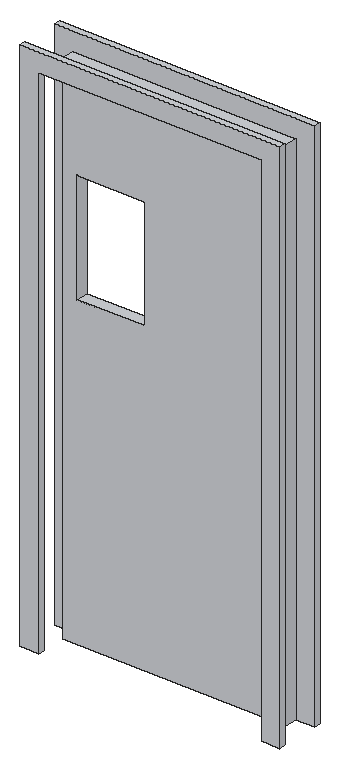
Revit family
Parameters (values of type "36" x 84"")
  Wall Closure = (empty or 0)
  Function = (empty or 0)
  Door Thickness = 0' - 2"
  Height = 7' - 0"
  Trim Projection Ext = 0' - 1"
  Trim Projection Int = 0' - 1"
  Trim Width = 0' - 3"
  Width = 3' - 0"
  Assembly Code = ""
Reference planes (in)
  plane 1: y = 0
  plane 2: z = 0
  plane 3: x = 0
  plane 4: x = -18
  plane 5: x = 18
  plane 6: z = 84
Forms (in)
  Extrusion 1, solid
    sketch origin (0, 0, 0) x (1, 0, 0) y (0, 0, 1)
      loop
        line (-18, 84) -> (-18, 0) -> (18, 0) -> (18, 84) -> (-18, 84)
    from -3 to -1
  Extrusion 2, solid
    sketch origin (-60, -3, 0) x (1, 0, 0) y (0, 0, 1)
      loop
        line (39, 87) -> (39, 0) -> (42, 0) -> (42, 84) -> (78, 84) -> (78, 0) -> (81, 0) -> (81, 87) -> (39, 87)
    from 0 to 1
  Extrusion 3, solid
    sketch origin (-60, 3, 0) x (-1, 0, 0) y (0, 0, 1)
      loop
        line (-81, 87) -> (-81, 0) -> (-78, 0) -> (-78, 84) -> (-42, 84) -> (-42, 0) -> (-39, 0) -> (-39, 87) -> (-81, 87)
    from 0 to 1
  Extrusion 4, void
    sketch origin (-20.78484, 0, -0.3959) x (0, 0, -1) y (1, 0, 0)
      loop
        line (-50.18613, 4.98537) -> (-50.18613, 16) -> (-68.18613, 16) -> (-68.18613, 4.98537) -> (-50.18613, 4.98537)
    from -3 to 0
Cuts and joins
  Extrusion 4 cuts Extrusion 1
  Extrusion 4 cuts Extrusion 2
  Extrusion 4 cuts Extrusion 3
Lines and regions (in)
  Opening 1
    outline origin (-60, -3, 144) x (0, 0, -1) y (1, 0, 0)
      loop
        line (60, 42) -> (144, 42) -> (144, 78) -> (60, 78) -> (60, 42)
  symbolic lines, style "DoorsPanelProjection"
    curve 1: line (18, 3, 0) -> (16, 3, 0)
    curve 2: line (18, 3, 0) -> (18, 39.0111, 0)
    curve 3: line (18, 39.0111, 0) -> (16, 39.0111, 0)
    curve 4: line (16, 3, 0) -> (16, 39.0111, 0)
  model lines, style "DoorsFrameMullionProjection"
    curve 5: line (-21, -3, 0) -> (-21, -3, 87)
    curve 6: line (-21, -3, 87) -> (21, -3, 87)
    curve 7: line (21, -3, 87) -> (21, -3, 0)
    curve 8: line (21, 3, 0) -> (21, 3, 87)
    curve 9: line (-21, 3, 87) -> (21, 3, 87)
    curve 10: line (-21, 3, 87) -> (-21, 3, 0)
  symbolic lines, style "Elevation Swing"
    curve 11: line (-18, -3, 0) -> (18, -3, 42)
    curve 12: line (-18, -3, 84) -> (18, -3, 42)
    curve 13: line (-18, 3, 84) -> (18, 3, 42)
    curve 14: line (-18, 3, 0) -> (18, 3, 42)
  symbolic lines, style "Plan Swing"
    curve 15: arc (16, 39.0111, 0) -> (-8.2005, 27.78574, 0) -> (-18.06659, 3, 0) r 36.06659
Dimensions and locks (in)
  equal spacing: plane 4, plane 3, plane 5
  "Width": plane 4 to plane 5
  locked: host wall to curve 1
  control icon elem to plane 5 = 0' - 10"
  "Height": plane 6 to plane 2
  "Trim Width": plane 4 to curve 5
  "Trim Width": plane 5 to curve 7
  "Trim Width": plane 6 to curve 6
  equal spacing: plane 6, curve 12, level
  plane 6 to level = 7' - 0"
  locked: curve 9 to host wall
  "Trim Projection Ext": Extrusion 3 to host wall
  "Trim Projection Int": Extrusion 2 to host wall
  "Door Thickness": curve 4 to plane 5
  "Door Thickness": Extrusion 1 to host wall
  aligned and locked: host wall to Extrusion 1
  aligned and locked: plane 2 to curve 5
  aligned and locked: curve 7 to level
  aligned and locked: curve 8 to curve 7
  aligned and locked: plane 4 to curve 11
  aligned and locked: plane 6 to curve 12
  aligned and locked: curve 6 to Extrusion 2 sketch curve
  aligned and locked: Extrusion 2 sketch curve to curve 5
  aligned and locked: Extrusion 2 sketch curve to curve 7
  aligned and locked: Extrusion 2 to Extrusion 3 sketch curve
  aligned and locked: Extrusion 3 sketch curve to Extrusion 2  (x2)
  aligned and locked: curve 15 to curve 13
  aligned and locked: host wall to Extrusion 4  (x2)
Automatic sketch dimensions
  Opening 1 sketch curve to plane 6 = 0' - 0"
  Opening 1 sketch curve to level = 0' - 0"
  Opening 1 sketch curve to plane 4 = 0' - 0"
  Opening 1 sketch curve to plane 5 = 0' - 0"
  Extrusion 1 sketch curve to plane 4 = 0' - 0"
  Extrusion 1 sketch curve to plane 5 = 0' - 0"
  Extrusion 1 sketch curve to level = 0' - 0"
  Extrusion 1 sketch curve to plane 6 = 0' - 0"
  Extrusion 2 sketch curve to level = 0' - 0"  (x2)
  Extrusion 2 sketch curve to plane 4 = 0' - 0"
  Extrusion 2 sketch curve to plane 5 = 0' - 0"
  Extrusion 2 sketch curve to plane 6 = 0' - 0"
  Extrusion 3 sketch curve to level = 0' - 0"  (x2)
  Extrusion 3 sketch curve to plane 5 = 0' - 0"
  Extrusion 3 sketch curve to plane 4 = 0' - 0"
  Extrusion 3 sketch curve to plane 6 = 0' - 0"
  curve 13 to plane 4 = 0' - 0"
  curve 13 to plane 6 = 0' - 0"
  curve 13 to plane 5 = 0' - 0"
  curve 8 to level = 0' - 0"
  curve 10 to level = 0' - 0"
  curve 14 to level = 0' - 0"
  curve 11 to level = 0' - 0"
  curve 10 to curve 5 = 0' - 0"  (x2)
  curve 13 to curve 11 = 0' - 0"
  curve 14 to plane 4 = 0' - 0"
  curve 12 to plane 4 = 0' - 0"
  curve 11 to plane 5 = 0' - 0"
  curve 1 to plane 5 = 0' - 0"
  curve 15 to plane 5 = 0' - 0"
  plane 4 to curve 15 = 0' - 0.06659"
  Extrusion 4 sketch curve to plane 3 = 1' - 3.79946"
  plane 6 to Extrusion 4 sketch curve = 1' - 4.20977"
  Extrusion 4 sketch curve to Extrusion 4 sketch curve = 1' - 6"
  plane 5 to Extrusion 4 sketch curve = 1' - 10.78484"
